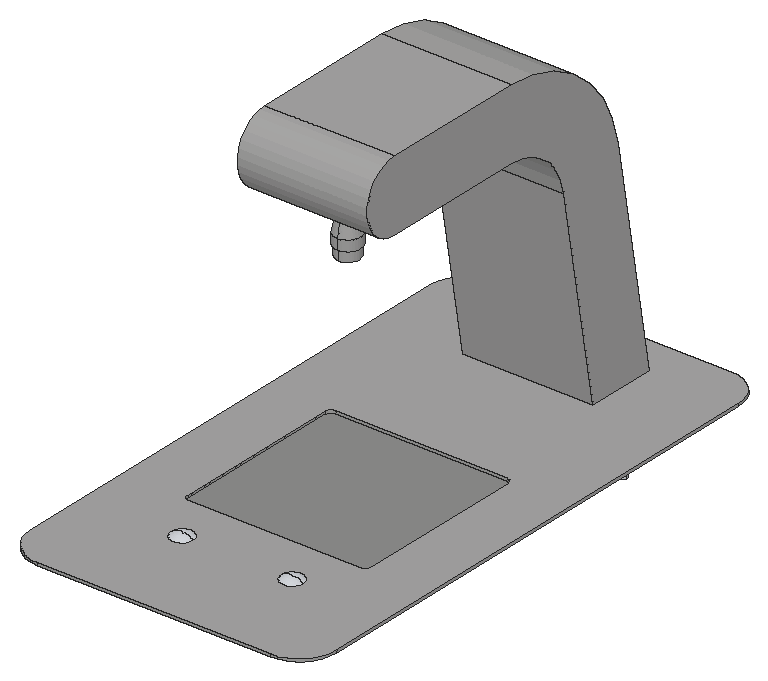
Revit family "1000811 Font Uber 2 SS Button Tile L&R", category Generic Models, Revit 2015
Parameters
  Width = 210 mm
  WaterConnections = "Marco Uber style font to be used with Marco Ecoboiler Under counter boilers"
  WarrantyGuarantorParts = "info@marco.ie"
  WarrantyGuarantorLabor = "info@marco.ie"
  WarrantyDurationUnit = "2-years"
  WarrantyDurationParts = "2-years"
  WarrantyDurationLabor = "0"
  WarrantyDescription = "Parts Only"
  URL = "http://marcobeveragesystems.com/wp-content/uploads/2016/10/Marco-Fonts-new-spec-sheet-AW3-online.pdf"
  ThirdPartyAccreditation = "UL, NSF"
  Standard = "EN 60335-2-75"
  Size = ""
  Shape = ""
  ReplacementCost = ""
  Rating = ""
  NominalWidth = ""
  NominalLength = ""
  NominalHeight = ""
  ModelReference = "Font Uber 2 SS Button Tile L&R"
  ModelNumber = "1000811"
  Material = "Stainless Steel"
  Manufacturer = "Marco Beverage Systems Ltd."
  Manufacturer = "Marco Beverage Systems Ltd."
  H = 272.4 mm
  Grade = ""
  Finish = ""
  ExpectedLife = "5-Years"
  ElectricalSupply = ""
  DurationUnit = "5-Years"
  DimensionsWidthMaximum = "250mm"
  DimensionsHeightMaximum = "400mm"
  DimensionsDepthMaximum = "470mm"
  Description = "Marco Uber style font to be used with Marco Ecoboiler Under counter boilers"
  Depth = 360.12 mm
  Default Elevation = 1219.2 mm
  Counter thickness [instance] = 40.405 mm
  ConstructionTankMaterial = ""
  ConstructionTankHeatUpTimeFromColdMaximum = ""
  ConstructionTankCapacityMinimum = ""
  ConstructionFeatures = ""
  ConstructionCasingMaterial = "Stainless Steel"
  ConstructionCasingFinish = "Brushed"
  Color = "Brushed Stainless Steel"
  AssetType = "Fixed"
  Arrangement = "Counter Mounted"
Reference planes
  plane 1 "Center (Front/Back)": y = 0
  plane 2: z = 0
  plane 3 "Center (Left/Right)": x = 0
  plane 4: x = 105
  plane 5: x = -105
  plane 6: x = -44.989
  plane 7: z = 272.4
  plane 8: z = 215
  plane 9: z = 215
  plane 10: z = 272.4
Forms (mm)
  Extrusion 1, solid, material "Stainless Steel"
    sketch origin (0, 0, 0) x (1, 0, 0) y (0, 1, 0)
      loop
        arc (-95.005, 272.15) -> (-116.218, 263.363) -> (-125.005, 242.15) r 30
        line (-125.005, 242.15) -> (-125.005, -167.85)
        arc (-125.005, -167.85) -> (-116.218, -189.063) -> (-95.005, -197.85) r 30
        line (-95.005, -197.85) -> (94.995, -197.85)
        arc (94.995, -197.85) -> (116.208, -189.063) -> (124.995, -167.85) r 30
        line (124.995, -167.85) -> (124.995, 242.15)
        arc (124.995, 242.15) -> (116.208, 263.363) -> (94.995, 272.15) r 30
        line (94.995, 272.15) -> (-95.005, 272.15)
      loop
        line (-75.005, 70) -> (-75.005, -70)
        arc (-75.005, -70) -> (-73.541, -73.536) -> (-70.005, -75) r 5
        line (-70.005, -75) -> (69.995, -75)
        arc (69.995, -75) -> (73.53, -73.536) -> (74.995, -70) r 5
        line (74.995, -70) -> (74.995, 70)
        arc (74.995, 70) -> (73.53, 73.535) -> (69.995, 75) r 5
        line (69.995, 75) -> (-70.005, 75)
        arc (-70.005, 75) -> (-73.541, 73.535) -> (-75.005, 70) r 5
    from 0 to 2
  Extrusion 2, solid, material "Stainless Brushed"
    sketch origin (0, 0, 0) x (1, 0, 0) y (0, 1, 0)
      loop
        arc (-70.005, 75) -> (-73.541, 73.535) -> (-75.005, 70) r 5
        line (-75.005, 70) -> (-75.005, -70)
        arc (-75.005, -70) -> (-73.541, -73.536) -> (-70.005, -75) r 5
        line (-70.005, -75) -> (69.995, -75)
        arc (69.995, -75) -> (73.53, -73.536) -> (74.995, -70) r 5
        line (74.995, -70) -> (74.995, 70)
        arc (74.995, 70) -> (73.53, 73.535) -> (69.995, 75) r 5
        line (69.995, 75) -> (-70.005, 75)
    from -19.2 to 0
  Revolve 3, solid
    sketch origin (0, -113.12, 0) x (0, 0, 1) y (-1, 0, 0)
      loop
        arc (5, 44.989) -> (4.256, 49.699) -> (2, 53.9) r 14.252
        line (2, 53.9) -> (2, 44.989) -> (5, 44.989)
      axis (2, 44.989) -> (5, 44.989)
    angle from 0 to 360
  Revolve 4, solid
    sketch origin (90, -113.12, 0) x (0, 0, 1) y (-1, 0, 0)
      loop
        arc (5, 44.989) -> (4.256, 49.699) -> (2, 53.9) r 14.252
        line (2, 53.9) -> (2, 44.989) -> (5, 44.989)
      axis (2, 44.989) -> (5, 44.989)
    angle from 0 to 360
  Extrusion 5, solid, material "Stainless Steel"
    sketch origin (0, 0, 0) x (0, 1, 0) y (0, 0, 1)
      loop
        line (154.138, 169.551) -> (183.681, 2) -> (241.118, 2) -> (209.467, 181.501)
        arc (209.467, 181.501) -> (171.845, 246.665) -> (101.139, 272.4) r 110
        line (101.139, 272.4) -> (-18.09, 272.4)
        arc (-18.09, 272.4) -> (-46.79, 243.7) -> (-18.09, 215) r 28.7
        line (-18.09, 215) -> (99.973, 215)
        arc (99.973, 215) -> (135.326, 202.132) -> (154.138, 169.551) r 55
    from -53.005 to 52.995
  Revolve 6, solid, material "Stainless Steel"
    sketch origin (0, 0, 0) x (0, 1, 0) y (0, 0, 1)
      loop
        line (10.71, 182.28) -> (10.71, 190.421) -> (7.12, 205.971) -> (7.12, 208.5) -> (9.21, 208.5) -> (9.21, 215) -> (0, 215) -> (0, 173.751) -> (9.531, 173.751) -> (9.531, 182.28) -> (10.71, 182.28)
      axis (0, 215) -> (0, 173.751)
    angle from 0 to 360
  Extrusion 7, solid
    sketch origin (0, 0, 0) x (1, 0, 0) y (0, 1, 0)
      loop
        circle (-41.071, 229.949) r 3
      loop
        circle (41.108, 229.949) r 3
    from -75 to 0
  Extrusion 8, solid, material "Stainless Brushed"
    sketch origin (41.125, -229.976, 0) x (1, 0, 0) y (0, 1, 0)
      loop
        circle (-41.071, 229.949) r 3
    from -68 to 0
Cuts and joins
  joined: Extrusion 2, Extrusion 8
Dimensions and locks
  equal spacing: plane 5, plane 3 "Center (Left/Right)", plane 4
  "Width": plane 5 to plane 4
  locked: plane 7 to plane 8 at 57.4
  "H": plane 7 to plane 2
  locked: plane 10 to plane 9 at 57.4
  "H": plane 10 to plane 2
  aligned and locked: level to plane 2
  aligned and locked: plane 9 to Revolve 6
Automatic sketch dimensions
  Extrusion 1 sketch curve to plane 5 = 20.005 mm
  plane 5 to Extrusion 1 sketch curve = 9.995 mm  (x2)
  plane 5 to Extrusion 1 sketch curve = 29.995 mm
  Extrusion 1 sketch curve to Extrusion 1 sketch curve = 5 mm  (x3)
  Extrusion 1 sketch curve to plane 4 = 35.005 mm  (x2)
  Extrusion 1 sketch curve to plane 4 = 10.005 mm  (x2)
  plane 4 to Extrusion 1 sketch curve = 19.995 mm
  plane 1 "Center (Front/Back)" to Extrusion 1 sketch curve = 197.85 mm
  plane 1 "Center (Front/Back)" to Extrusion 1 sketch curve = 75 mm
  Extrusion 1 sketch curve to plane 1 "Center (Front/Back)" = 70 mm
  Extrusion 1 sketch curve to Extrusion 1 sketch curve = 167.15 mm
  plane 5 to Extrusion 2 sketch curve = 29.995 mm
  Extrusion 2 sketch curve to Extrusion 2 sketch curve = 5 mm  (x3)
  Extrusion 2 sketch curve to plane 4 = 35.005 mm  (x2)
  plane 1 "Center (Front/Back)" to Extrusion 2 sketch curve = 75 mm
  Extrusion 2 sketch curve to plane 1 "Center (Front/Back)" = 70 mm
  plane 6 to Revolve 3 sketch curve = 0 mm  (x2)
  plane 6 to Revolve 3 sketch curve = 0.162 mm
  Revolve 3 sketch curve to level = 9.251 mm
  level to Revolve 3 sketch curve = 2 mm
  Revolve 3 sketch curve to Revolve 3 sketch curve = 3 mm
  Revolve 3 sketch curve to Revolve 3 sketch curve = 1.749 mm
  Revolve 3 sketch curve to Revolve 3 sketch curve = 29.104 mm
  Revolve 4 sketch curve to level = 9.251 mm
  level to Revolve 4 sketch curve = 2 mm
  Revolve 4 sketch curve to Revolve 4 sketch curve = 3 mm
  plane 3 "Center (Left/Right)" to Revolve 4 sketch curve = 45.011 mm
  Revolve 4 sketch curve to Revolve 4 sketch curve = 0.162 mm  (x2)
  Revolve 4 sketch curve to Revolve 4 sketch curve = 1.749 mm
  Revolve 4 sketch curve to Revolve 4 sketch curve = 29.104 mm
  Revolve 6 sketch curve to plane 1 "Center (Front/Back)" = 0 mm  (x2)
  Revolve 6 sketch curve to plane 1 "Center (Front/Back)" = 7.12 mm
  Revolve 6 sketch curve to Revolve 6 sketch curve = 2.09 mm
  Revolve 6 sketch curve to plane 1 "Center (Front/Back)" = 9.531 mm
  Revolve 6 sketch curve to Revolve 6 sketch curve = 1.18 mm
  level to Revolve 6 sketch curve = 173.751 mm
  Revolve 6 sketch curve to Revolve 6 sketch curve = 8.529 mm
  Revolve 6 sketch curve to Revolve 6 sketch curve = 8.141 mm
  Revolve 6 sketch curve to Revolve 6 sketch curve = 15.549 mm
  Revolve 6 sketch curve to Revolve 6 sketch curve = 2.529 mm
  Revolve 6 sketch curve to Revolve 6 sketch curve = 6.5 mm
  Revolve 6 sketch curve to level = 520.992 mm
  Revolve 6 sketch curve to Revolve 6 sketch curve = 2526.474 mm
  Extrusion 7 sketch curve to plane 6 = 3.918 mm
  plane 3 "Center (Left/Right)" to Extrusion 7 sketch curve = 41.108 mm
  Extrusion 7 sketch curve to plane 1 "Center (Front/Back)" = 229.949 mm
  Extrusion 7 sketch curve to Extrusion 7 sketch curve = 0 mm
  plane 3 "Center (Left/Right)" to Extrusion 8 sketch curve = 0.053 mm
  plane 1 "Center (Front/Back)" to Extrusion 8 sketch curve = 0.027 mm
  Extrusion 5 sketch curve to plane 8 = 0 mm
  Extrusion 5 sketch curve to plane 7 = 0 mm
  plane 1 "Center (Front/Back)" to Extrusion 5 sketch curve = 18.09 mm
  Extrusion 5 sketch curve to plane 1 "Center (Front/Back)" = 99.973 mm
  Extrusion 5 sketch curve to Extrusion 5 sketch curve = 1.165 mm
  Extrusion 5 sketch curve to plane 8 = 45.449 mm
  Extrusion 5 sketch curve to Extrusion 5 sketch curve = 52.999 mm
  level to Extrusion 5 sketch curve = 2 mm
  Extrusion 5 sketch curve to Extrusion 5 sketch curve = 29.544 mm
  Extrusion 5 sketch curve to plane 8 = 33.499 mm
  Extrusion 5 sketch curve to Extrusion 5 sketch curve = 55.33 mm
  Extrusion 5 sketch curve to Extrusion 5 sketch curve = 57.437 mm
  radius of Extrusion 7 sketch curve = 3 mm  (x2)
  radius of Extrusion 8 sketch curve = 3 mm
